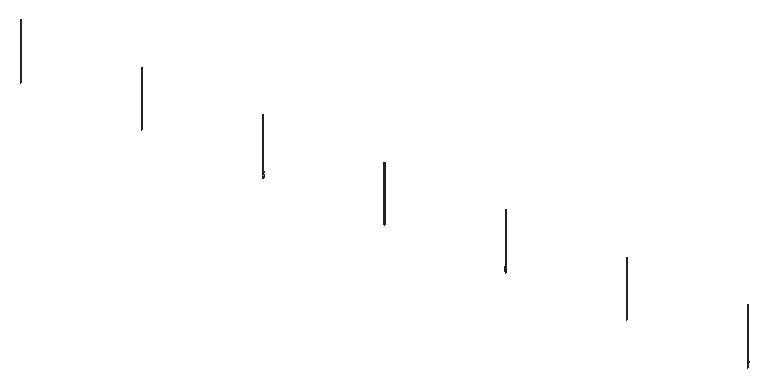
Revit family "Wire-Array-HunterDouglas-Torsion-Spring", category Specialty Equipment, Revit 2012
Parameters (values of type "Parametric")
  ecoScorecard_data = "http://products.ecoscorecard.com/hunterdouglascontract/PTTS"
  ecoScorecard Product Page = "http://hunterdouglascontract.ecoscorecard.com/product/PTTS?base_search=product_category_A1035"
  Wire Visibility [instance] = yes
  Wire Hanger = Metal - Aluminum Frame - HunterDouglas - Painted White
  URL = "http://www.hunterdouglascontract.com/ceilings/index.jsp"
  Subcategory = "Metal – Plank and Tile"  # constant formula
  Product Line = "Torsion Spring"  # constant formula
  Overall Length [instance] = (# of Wires - 1) * Wire Spacing  # 24' - 0"
  Model = "Torsion Spring_Wire Hanger"  # constant formula
  Manufacturer = "Hunter Douglas Luxalon Metal Ceilings"  # constant formula
  Wire Spacing = 4' - 0"  # constant formula
  Hanger Wire Height [instance] = 2' - 0"
  Description = "Wire Hanger"  # constant formula
  Default Elevation = 0' - 0"
  Assembly Code = "C3030200"
  95 CSI = "09 51 00"  # constant formula
  04 CSI = "09510"  # constant formula
  # of Wires = 7
Reference planes (in)
  plane 1 "Center (Front/Back)": y = 0
  plane 2: z = 0
  plane 3 "Center (Left/Right)": x = 0
  plane 4 "Left Edge": x = -144
  plane 5: x = 144
  plane 6: x = -96
  plane 7 "Ceiling Edge": z = 24
  plane 8 "Hanger Bottom": z = 2.4375
Dimensions and locks (in)
  equal spacing: plane 4 "Left Edge", plane 3 "Center (Left/Right)", plane 5
  "Overall Length": plane 4 "Left Edge" to plane 5
  "Wire Spacing": plane 4 "Left Edge" to plane 6
  "Hanger Wire Height": plane 7 "Ceiling Edge" to level
  locked: plane 8 "Hanger Bottom" to level at 2.4375
  equal spacing: group 1, group 3, group 4, group 5, group 6, group 7, group 2  (x3)
  aligned and locked: level to plane 2
  aligned and locked: plane 4 "Left Edge" to nested 1
  aligned and locked: plane 1 "Center (Front/Back)" to nested 1
  aligned and locked: nested 2 to plane 5
  aligned and locked: nested 2 to plane 1 "Center (Front/Back)"
Nested families (in)
  nested 1: "Wire" at (-144, 0, 0) x (0, 1, 0) z (0, 0, 1), visible <- "Wire Visibility", type "Wire"
    with HangerWire Length 2' - 0"
  nested 2: "Wire" at (144, 0, 0) x (0, 1, 0) z (0, 0, 1), visible <- "Wire Visibility", type "Wire"
    with HangerWire Length 2' - 0"
  nested 3: "Wire" at (-96, 0, 0) x (0, 1, 0) z (0, 0, 1), visible <- "Wire Visibility", type "Wire"
    with HangerWire Length 2' - 0"
  nested 4: "Wire" at (-48, 0, 0) x (0, 1, 0) z (0, 0, 1), visible <- "Wire Visibility", type "Wire"
    with HangerWire Length 2' - 0"
  nested 5: "Wire" at (0, 0, 0) x (0, 1, 0) z (0, 0, 1), visible <- "Wire Visibility", type "Wire"
    with HangerWire Length 2' - 0"
  nested 6: "Wire" at (48, 0, 0) x (0, 1, 0) z (0, 0, 1), visible <- "Wire Visibility", type "Wire"
    with HangerWire Length 2' - 0"
  nested 7: "Wire" at (96, 0, 0) x (0, 1, 0) z (0, 0, 1), visible <- "Wire Visibility", type "Wire"
    with HangerWire Length 2' - 0"
Definition of nested family "Wire"
  Parameters (values of type "Wire")
    Material = Metal - Aluminum Frame - HunterDouglas - Painted White
    HangerWire Length = 3' - 0"
  Reference planes (in)
    plane 1 "Center (Front/Back)": y = 0
    plane 2: z = 0
    plane 3 "Center (Left/Right)": x = 0
    plane 4: x = -0.77248
    plane 5: x = 0.77248
    plane 6: z = 2.4375
    plane 7: z = 2.5
    plane 8: z = 36
    plane 9: z = 36.21875
  Forms (in)
    Sweep 1, solid, material "Metal - Aluminum Frame - HunterDouglas - Painted White" <- "Material", detail levels fine
      path origin (0, 0, 0) x (0.707107, 0.707107, 0) y (0, 0, 1)
        loop
          line (0.03125, 36.21875) -> (0.03125, 3.70793) -> (0.38236, 3.14135)
          arc (0.38236, 3.14135) -> (0.44435, 3.01623) -> (0.48166, 2.88166) r 0.73777
          line (0.48166, 2.88166) -> (0.5376, 2.56649)
          arc (0.5376, 2.56649) -> (0.51364, 2.47677) -> (0.42949, 2.4375) r 0.1098
          line (0.42949, 2.4375) -> (-0.42976, 2.4375)
          arc (-0.42976, 2.4375) -> (-0.51374, 2.47669) -> (-0.53765, 2.56622) r 0.10957
          line (-0.53765, 2.56622) -> (-0.48246, 2.87715)
          arc (-0.48246, 2.87715) -> (-0.44395, 3.01607) -> (-0.37995, 3.14524) r 0.76163
          line (-0.37995, 3.14524) -> (-0.0384, 3.69638)
      profile origin (-0.0001, -0.0001, 2.4375) x (0, 0, -1) y (0.707107, -0.707107, 0)
        loop
          circle (-0.03125, 0) r 0.03125
    Revolve 2, solid, material "Metal - Aluminum Frame - HunterDouglas - Painted White" <- "Material", detail levels fine
      sketch origin (0.00705, -1.10535, 0.17393) x (0, 0.947216, -0.320596) y (0, 0.320596, 0.947216)
        loop
          line (-0.19925, 4.08974) -> (-0.26999, 4.08974)
          arc (-0.26999, 4.08974) -> (-0.30124, 4.05849) -> (-0.26999, 4.02724) r 0.03125
          line (-0.26999, 4.02724) -> (-0.19925, 4.02724) -> (-0.19925, 4.08974)
        axis (-0.19925, 4.02724) -> (-0.19925, 4.08974)
      angle from 0 to 360
    Revolve 3, solid, material "Metal - Aluminum Frame - HunterDouglas - Painted White" <- "Material", detail levels fine
      sketch origin (0.00705, -1.10535, 0.04197) x (0, 0.947216, -0.320596) y (0, 0.320596, 0.947216)
        loop
          line (-0.19925, 4.08974) -> (-0.26999, 4.08974)
          arc (-0.26999, 4.08974) -> (-0.30124, 4.05849) -> (-0.26999, 4.02724) r 0.03125
          line (-0.26999, 4.02724) -> (-0.19925, 4.02724) -> (-0.19925, 4.08974)
        axis (-0.19925, 4.02724) -> (-0.19925, 4.08974)
      angle from 0 to 360
    Revolve 4, solid, material "Metal - Aluminum Frame - HunterDouglas - Painted White" <- "Material", detail levels fine
      sketch origin (0.00705, -1.10535, 0.10916) x (0, 0.947216, -0.320596) y (0, 0.320596, 0.947216)
        loop
          line (-0.19925, 4.08974) -> (-0.26999, 4.08974)
          arc (-0.26999, 4.08974) -> (-0.30124, 4.05849) -> (-0.26999, 4.02724) r 0.03125
          line (-0.26999, 4.02724) -> (-0.19925, 4.02724) -> (-0.19925, 4.08974)
        axis (-0.19925, 4.02724) -> (-0.19925, 4.08974)
      angle from 0 to 360
    Revolve 5, solid, material "Metal - Aluminum Frame - HunterDouglas - Painted White" <- "Material", detail levels fine
      sketch origin (0.00705, -1.10535, -0.02357) x (0, 0.947216, -0.320596) y (0, 0.320596, 0.947216)
        loop
          line (-0.19925, 4.08974) -> (-0.26999, 4.08974)
          arc (-0.26999, 4.08974) -> (-0.30124, 4.05849) -> (-0.26999, 4.02724) r 0.03125
          line (-0.26999, 4.02724) -> (-0.19925, 4.02724) -> (-0.19925, 4.08974)
        axis (-0.19925, 4.02724) -> (-0.19925, 4.08974)
      angle from 0 to 360
    Revolve 6, solid, material "Metal - Aluminum Frame - HunterDouglas - Painted White" <- "Material", detail levels fine
      sketch origin (0.00705, -1.10535, -0.08912) x (0, 0.947216, -0.320596) y (0, 0.320596, 0.947216)
        loop
          line (-0.19925, 4.08974) -> (-0.26999, 4.08974)
          arc (-0.26999, 4.08974) -> (-0.30124, 4.05849) -> (-0.26999, 4.02724) r 0.03125
          line (-0.26999, 4.02724) -> (-0.19925, 4.02724) -> (-0.19925, 4.08974)
        axis (-0.19925, 4.02724) -> (-0.19925, 4.08974)
      angle from 0 to 360
    Revolve 7, solid, material "Metal - Aluminum Frame - HunterDouglas - Painted White" <- "Material", detail levels fine
      sketch origin (0.00705, -1.10535, -0.15857) x (0, 0.947216, -0.320596) y (0, 0.320596, 0.947216)
        loop
          line (-0.19925, 4.08974) -> (-0.26999, 4.08974)
          arc (-0.26999, 4.08974) -> (-0.30124, 4.05849) -> (-0.26999, 4.02724) r 0.03125
          line (-0.26999, 4.02724) -> (-0.19925, 4.02724) -> (-0.19925, 4.08974)
        axis (-0.19925, 4.02724) -> (-0.19925, 4.08974)
      angle from 0 to 360
  Lines and regions (in)
    model lines, style "Wire", detail levels coarse+medium
      curve 1: line (0, 0, 36) -> (0, 0, 2.5)
    symbolic lines, style "Wire", detail levels fine
      curve 2: line (-0.38204, -0.33784, 0) -> (-0.08282, -0.03863, 0)
      curve 3: line (0.38204, 0.33784, 0) -> (0.09664, 0.05243, 0)
      curve 4: arc (0.33784, 0.38204, 0) -> (0.38204, 0.38204, 0) -> (0.38204, 0.33784, 0) r 0.03125
      curve 5: arc (-0.38204, -0.33784, 0) -> (-0.38204, -0.38204, 0) -> (-0.33784, -0.38204, 0) r 0.03125
      curve 6: circle (0.00691, 0.00691, 0) r 0.10062 normal (0, 0, 1)
      curve 7: circle (0, 0, 0) r 0.03125 normal (0, 0, 1)
      curve 8: line (0.05244, 0.09663, 0) -> (0.33784, 0.38204, 0)
      curve 9: line (-0.03862, -0.08282, 0) -> (-0.33784, -0.38204, 0)
      curve 14: line (-0.03122, 0, 36.21875) -> (0.03122, 0, 36.21875)
      curve 15: line (0.03122, 0, 36.21875) -> (0.03122, 0, 4.1081)
      curve 16: line (-0.02999, 0, 3.69117) -> (-0.27048, 0, 3.16052)
      curve 17: line (-0.39791, 0, 2.57083) -> (-0.33782, 0, 2.89346)
      curve 18: arc (-0.33782, 0, 2.89346) -> (-0.3161, 0, 3.03) -> (-0.27048, 0, 3.16052) r 0.77561
      curve 19: arc (-0.39791, 0, 2.57083) -> (-0.37867, 0, 2.48393) -> (-0.30275, 0, 2.4375) r 0.11373
      curve 20: line (0.08629, 0, 3.61911) -> (-0.02999, 0, 3.69117)
      curve 21: spline (-0.03122, 0, 3.69014) -> (-0.02944, 0, 3.69066) -> (-0.02594, 0, 3.69166) -> (-0.02092, 0, 3.6931) -> (-0.01467, 0, 3.69489) -> (-0.00756, 0, 3.69692) -> (0, 0, 3.69907) -> (0.00755, 0, 3.70122) -> (0.01466, 0, 3.70324) -> (0.02091, 0, 3.70501) -> (0.02594, 0, 3.70643) -> (0.02944, 0, 3.70742) -> (0.03122, 0, 3.70792)
      curve 22: line (0.00884, 0, 3.62544) -> (-0.21356, 0, 3.13472)
      curve 23: arc (-0.2757, 0, 2.88565) -> (-0.25593, 0, 3.013) -> (-0.21356, 0, 3.13472) r 0.71311
      curve 24: line (-0.33647, 0, 2.55939) -> (-0.2757, 0, 2.88565)
      curve 25: arc (-0.33647, 0, 2.55939) -> (-0.3278, 0, 2.52024) -> (-0.2936, 0, 2.49933) r 0.05123
      curve 26: line (0.03122, 0, 36.21875) -> (-0.03122, 0, 36.21875)
      curve 27: line (-0.03122, 0, 36.21875) -> (-0.03122, 0, 4.1296)
      curve 28: line (-0.2936, 0, 2.49933) -> (0, 0, 2.49933)
      curve 29: line (0, 0, 2.4375) -> (-0.30275, 0, 2.4375)
      curve 30: line (-0.03122, 0, 3.73252) -> (-0.03122, 0, 3.68845)
      curve 31: line (0.03122, 0, 3.68845) -> (0.27048, 0, 3.16052)
      curve 32: line (0.39791, 0, 2.57083) -> (0.33782, 0, 2.89346)
      curve 33: arc (0.33782, 0, 2.89346) -> (0.3161, 0, 3.03) -> (0.27048, 0, 3.16052) r 0.77561
      curve 34: arc (0.39791, 0, 2.57083) -> (0.37867, 0, 2.48393) -> (0.30275, 0, 2.4375) r 0.11373
      curve 35: spline (0.03122, 0, 3.69014) -> (0.02944, 0, 3.69066) -> (0.02594, 0, 3.69166) -> (0.02092, 0, 3.6931) -> (0.01467, 0, 3.69489) -> (0.00756, 0, 3.69692) -> (0, 0, 3.69907) -> (-0.00755, 0, 3.70122) -> (-0.01466, 0, 3.70324) -> (-0.02091, 0, 3.70501) -> (-0.02594, 0, 3.70643) -> (-0.02944, 0, 3.70742) -> (-0.03122, 0, 3.70792)
      curve 36: line (-0.00884, 0, 3.62544) -> (0.21356, 0, 3.13472)
      curve 37: arc (0.2757, 0, 2.88565) -> (0.25593, 0, 3.013) -> (0.21356, 0, 3.13472) r 0.71311
      curve 38: line (0.33647, 0, 2.55939) -> (0.2757, 0, 2.88565)
      curve 39: arc (0.33647, 0, 2.55939) -> (0.3278, 0, 2.52024) -> (0.2936, 0, 2.49933) r 0.05123
      curve 40: line (0.2936, 0, 2.49933) -> (0, 0, 2.49933)
      curve 41: line (0, 0, 2.4375) -> (0.30275, 0, 2.4375)
      curve 42: line (0.03122, 0, 3.73252) -> (0.03122, 0, 3.68845)
      curve 43: line (0, 0.03122, 3.68845) -> (0, 0.27048, 3.16052)
      curve 44: line (0, 0.39791, 2.57083) -> (0, 0.33782, 2.89346)
      curve 45: arc (0, 0.33782, 2.89346) -> (0, 0.3161, 3.03) -> (0, 0.27048, 3.16052) r 0.77561
      curve 46: arc (0, 0.39791, 2.57083) -> (0, 0.37867, 2.48393) -> (0, 0.30275, 2.4375) r 0.11373
      curve 47: line (0, -0.00884, 3.62544) -> (0, 0.21356, 3.13472)
      curve 48: arc (0, 0.2757, 2.88565) -> (0, 0.25593, 3.013) -> (0, 0.21356, 3.13472) r 0.71311
      curve 49: line (0, 0.33647, 2.55939) -> (0, 0.2757, 2.88565)
      curve 50: arc (0, 0.33647, 2.55939) -> (0, 0.3278, 2.52024) -> (0, 0.2936, 2.49933) r 0.05123
      curve 51: line (0, 0.2936, 2.49933) -> (0, 0, 2.49933)
      curve 52: line (0, 0, 2.4375) -> (0, 0.30275, 2.4375)
      curve 53: line (0, -0.03122, 3.68845) -> (0, -0.27048, 3.16052)
      curve 54: line (0, -0.39791, 2.57083) -> (0, -0.33782, 2.89346)
      curve 55: arc (0, -0.33782, 2.89346) -> (0, -0.3161, 3.03) -> (0, -0.27048, 3.16052) r 0.77561
      curve 56: arc (0, -0.39791, 2.57083) -> (0, -0.37867, 2.48393) -> (0, -0.30275, 2.4375) r 0.11373
      curve 57: line (0, 0.00884, 3.62544) -> (0, -0.21356, 3.13472)
      curve 58: arc (0, -0.2757, 2.88565) -> (0, -0.25593, 3.013) -> (0, -0.21356, 3.13472) r 0.71311
      curve 59: line (0, -0.33647, 2.55939) -> (0, -0.2757, 2.88565)
      curve 60: arc (0, -0.33647, 2.55939) -> (0, -0.3278, 2.52024) -> (0, -0.2936, 2.49933) r 0.05123
      curve 61: line (0, -0.2936, 2.49933) -> (0, 0, 2.49933)
      curve 62: line (0, 0, 2.4375) -> (0, -0.30275, 2.4375)
      curve 63: line (0, -0.03122, 3.73252) -> (0, -0.03122, 3.68845)
      curve 64: line (0, -0.04684, 4.13498) -> (0, 0.08788, 4.08859)
      curve 65: line (0, -0.07537, 4.07858) -> (0, 0.06749, 4.02939)
      curve 66: arc (0, 0.08788, 4.08859) -> (0, 0.10729, 4.0488) -> (0, 0.06749, 4.02939) r 0.03131
      curve 67: arc (0, -0.04684, 4.13498) -> (0, -0.08569, 4.11922) -> (0, -0.07537, 4.07858) r 0.0319
      curve 68: arc (0, 0.08788, 4.02237) -> (0, 0.10784, 3.98437) -> (0, 0.0711, 3.96216) r 0.03131
      curve 69: arc (0, -0.04684, 4.06876) -> (0, -0.08551, 4.05335) -> (0, -0.07602, 4.01282) r 0.0319
      curve 70: line (0, -0.07602, 4.01282) -> (0, 0.0711, 3.96216)
      curve 71: arc (0, 0.08788, 3.95615) -> (0, 0.10784, 3.91815) -> (0, 0.0711, 3.89594) r 0.03131
      curve 72: arc (0, -0.04684, 4.00254) -> (0, -0.08551, 3.98713) -> (0, -0.07602, 3.9466) r 0.0319
      curve 73: line (0, -0.07602, 3.9466) -> (0, 0.0711, 3.89594)
      curve 74: arc (0, 0.08788, 3.88993) -> (0, 0.10784, 3.85193) -> (0, 0.0711, 3.82972) r 0.03131
      curve 75: arc (0, -0.04684, 3.93632) -> (0, -0.08551, 3.92091) -> (0, -0.07602, 3.88038) r 0.0319
      curve 76: line (0, -0.07602, 3.88038) -> (0, 0.0711, 3.82972)
      curve 77: arc (0, 0.08788, 3.82371) -> (0, 0.10784, 3.78571) -> (0, 0.0711, 3.7635) r 0.03131
      curve 78: arc (0, -0.04684, 3.8701) -> (0, -0.08551, 3.85469) -> (0, -0.07602, 3.81416) r 0.0319
      curve 79: line (0, -0.07602, 3.81416) -> (0, 0.0711, 3.7635)
      curve 80: arc (0, 0.08788, 3.75749) -> (0, 0.10784, 3.71949) -> (0, 0.0711, 3.69728) r 0.03131
      curve 81: arc (0, -0.04684, 3.80388) -> (0, -0.08551, 3.78847) -> (0, -0.07602, 3.74794) r 0.0319
      curve 82: line (0, -0.07602, 3.74794) -> (0, 0.0711, 3.69728)
      curve 83: line (0, -0.03122, 3.73252) -> (0, -0.03122, 3.68845)
      curve 84: spline (0, 0.03122, 3.69014) -> (0, 0.02944, 3.69066) -> (0, 0.02594, 3.69166) -> (0, 0.02092, 3.6931) -> (0, 0.01467, 3.69489) -> (0, 0.00756, 3.69692) -> (0, 0, 3.69907) -> (0, -0.00755, 3.70122) -> (0, -0.01466, 3.70324) -> (0, -0.02091, 3.70501) -> (0, -0.02594, 3.70643) -> (0, -0.02944, 3.70742) -> (0, -0.03122, 3.70792)
      curve 85: line (0, 0.03122, 3.71102) -> (0, 0.03122, 3.68845)
    symbolic lines, style "Wire"
      curve 10: line (0, 0.03125, 36.21875) -> (0, -0.03125, 36.21875)
      curve 11: line (0, -0.03125, 36.21875) -> (0, -0.03125, 4.05165)
      curve 12: arc (0, 0.03125, 4.05165) -> (0, 0, 4.04216) -> (0, -0.03125, 4.05165) r 0.05621
      curve 13: line (0, 0.03125, 4.05165) -> (0, 0.03125, 36.21875)
      curve 86: arc (-0.07801, 0, 3.78381) -> (-0.09482, 0, 3.81838) -> (-0.07483, 0, 3.85122) r 0.04011
      curve 87: arc (-0.07459, 0, 3.85136) -> (-0.03526, 0, 3.86711) -> (0.00686, 0, 3.87167) r 0.15569
      curve 88: arc (0.09173, 0, 3.78381) -> (0.10854, 0, 3.81838) -> (0.08855, 0, 3.85122) r 0.04011
      curve 89: arc (0.0883, 0, 3.85136) -> (0.04898, 0, 3.86711) -> (0.00686, 0, 3.87167) r 0.15569
      curve 90: arc (-0.07483, 0, 3.85122) -> (-0.09482, 0, 3.88413) -> (-0.07788, 0, 3.91872) r 0.04011
      curve 91: arc (-0.07459, 0, 3.92081) -> (-0.03526, 0, 3.93656) -> (0.00686, 0, 3.94112) r 0.15569
      curve 92: arc (0.08855, 0, 3.85122) -> (0.10858, 0, 3.88609) -> (0.0883, 0, 3.92081) r 0.04011
      curve 93: arc (0.0883, 0, 3.92081) -> (0.04898, 0, 3.93656) -> (0.00686, 0, 3.94112) r 0.15569
      curve 94: arc (-0.07788, 0, 3.91872) -> (-0.09482, 0, 3.95344) -> (-0.07459, 0, 3.98635) r 0.04011
      curve 95: arc (-0.07459, 0, 3.98635) -> (-0.03526, 0, 4.0021) -> (0.00686, 0, 4.00666) r 0.15569
      curve 96: arc (0.0916, 0, 3.91872) -> (0.10853, 0, 3.95344) -> (0.0883, 0, 3.98635) r 0.04011
      curve 97: arc (0.0883, 0, 3.98635) -> (0.04898, 0, 4.0021) -> (0.00686, 0, 4.00666) r 0.15569
      curve 98: arc (-0.07788, 0, 3.98426) -> (-0.09486, 0, 4.01703) -> (-0.07788, 0, 4.0498) r 0.04011
      curve 99: arc (-0.07459, 0, 4.05189) -> (-0.03526, 0, 4.06764) -> (0.00686, 0, 4.0722) r 0.15569
      curve 100: arc (0.0916, 0, 3.98426) -> (0.10858, 0, 4.01703) -> (0.0916, 0, 4.0498) r 0.04011
      curve 101: arc (0.0883, 0, 4.05189) -> (0.04898, 0, 4.06764) -> (0.00686, 0, 4.0722) r 0.15569
      curve 102: arc (-0.07788, 0, 4.0498) -> (-0.09482, 0, 4.08452) -> (-0.07459, 0, 4.11744) r 0.04011
      curve 103: arc (-0.07459, 0, 4.11744) -> (-0.03526, 0, 4.13318) -> (0.00686, 0, 4.13774) r 0.15569
      curve 104: arc (0.0916, 0, 4.0498) -> (0.10853, 0, 4.08452) -> (0.0883, 0, 4.11744) r 0.04011
      curve 105: arc (0.0883, 0, 4.11744) -> (0.04898, 0, 4.13318) -> (0.00686, 0, 4.13774) r 0.15569
      curve 106: arc (-0.07788, 0, 3.71818) -> (-0.09482, 0, 3.75291) -> (-0.07459, 0, 3.78582) r 0.04011
      curve 107: arc (-0.07801, 0, 3.78381) -> (-0.03718, 0, 3.80107) -> (0.00686, 0, 3.80613) r 0.15569
      curve 108: arc (0.0916, 0, 3.71818) -> (0.10853, 0, 3.75291) -> (0.0883, 0, 3.78582) r 0.04011
      curve 109: arc (0.09173, 0, 3.78381) -> (0.0509, 0, 3.80107) -> (0.00686, 0, 3.80613) r 0.15569
      curve 110: arc (-0.07788, 0, 3.71818) -> (-0.05245, 0, 3.70483) -> (-0.02439, 0, 3.69871) r 0.10721
      curve 111: arc (0.0916, 0, 3.71818) -> (0.06617, 0, 3.70483) -> (0.03811, 0, 3.69871) r 0.10721
  Dimensions and locks (in)
    equal spacing: plane 4, plane 3 "Center (Left/Right)", plane 5
    plane 4 to plane 5 = 0' - 1.54495"
    locked: plane 6 to plane 7 at 0.0625
    locked: plane 6 to level at 2.4375
    "HangerWire Length": plane 8 to level
    locked: plane 9 to plane 8 at 0.21875
    aligned and locked: level to plane 2
    aligned and locked: Sweep 1 sketch curve to plane 6
    aligned and locked: curve 1 to plane 3 "Center (Left/Right)"
    aligned and locked: plane 7 to curve 1
    aligned and locked: plane 8 to curve 1
    aligned and locked: plane 9 to curve 26
    aligned and locked: plane 9 to Sweep 1 sketch curve
    aligned and locked: curve 10 to plane 9
  Automatic sketch dimensions
    curve 12 to plane 1 "Center (Front/Back)" = 0' - 0"
    plane 1 "Center (Front/Back)" to curve 11 = 0' - 0 1/32"
    curve 13 to plane 1 "Center (Front/Back)" = 0' - 0 1/32"
    curve 12 to curve 12 = 0' - 0.04672"
    curve 18 to curve 23 = 0' - 0"  (x2)
    curve 19 to curve 25 = 0' - 0"  (x2)
    curve 33 to curve 37 = 0' - 0"  (x2)
    curve 34 to curve 39 = 0' - 0"  (x2)
    curve 19 to plane 6 = 0' - 0"
    curve 41 to plane 3 "Center (Left/Right)" = 0' - 0"
    curve 40 to plane 3 "Center (Left/Right)" = 0' - 0"
    curve 35 to plane 3 "Center (Left/Right)" = 0' - 0"
    curve 36 to plane 3 "Center (Left/Right)" = 0' - 0.00884"
    curve 16 to plane 3 "Center (Left/Right)" = 0' - 0.02999"
    curve 14 to plane 3 "Center (Left/Right)" = 0' - 0.03122"
    curve 35 to curve 16 = 0' - 0.00123"
    curve 21 to curve 21 = 0' - 0.00021"
    curve 22 to plane 3 "Center (Left/Right)" = 0' - 0.21356"
    curve 18 to curve 23 = 0' - 0.05693"
    curve 23 to curve 22 = 0' - 0.06215"
    plane 7 to curve 19 = 0' - 0.05001"
    curve 19 to plane 3 "Center (Left/Right)" = 0' - 0.2861"
    curve 25 to plane 7 = 0' - 0.00067"
    curve 25 to curve 19 = 0' - 0.0075"
    curve 29 to curve 28 = 0' - 0.00915"
    curve 25 to curve 19 = 0' - 0.05037"
    curve 17 to curve 23 = 0' - 0.06212"
    plane 7 to curve 17 = 0' - 0.07083"
    curve 37 to curve 17 = 0' - 0.09814"
    plane 3 "Center (Left/Right)" to curve 21 = 0' - 0"
    plane 3 "Center (Left/Right)" to curve 22 = 0' - 0.00884"
    plane 3 "Center (Left/Right)" to curve 42 = 0' - 0.03122"
    plane 3 "Center (Left/Right)" to curve 14 = 0' - 0.03122"
    curve 35 to curve 31 = 0' - 0"
    curve 35 to curve 35 = 0' - 0.00021"
    curve 22 to curve 20 = 0' - 0.07745"
    plane 3 "Center (Left/Right)" to curve 37 = 0' - 0.21356"
    curve 36 to curve 31 = 0' - 0.05693"
    curve 37 to curve 38 = 0' - 0.06215"
    plane 7 to curve 39 = 0' - 0.05001"
    plane 3 "Center (Left/Right)" to curve 39 = 0' - 0.2861"
    curve 34 to curve 40 = 0' - 0.0075"
    curve 39 to curve 34 = 0' - 0.00915"
    curve 34 to curve 39 = 0' - 0.05037"
    curve 38 to curve 33 = 0' - 0.06212"
    curve 38 to curve 34 = 0' - 0.06144"
    curve 33 to curve 23 = 0' - 0.09814"
    curve 19 to curve 33 = 0' - 0 69/256"
    curve 34 to curve 18 = 0' - 0 69/256"
    curve 33 to curve 23 = 0' - 0.04529"
    curve 18 to curve 37 = 0' - 0.04529"
    curve 38 to curve 32 = 0' - 0 1/128"
    curve 23 to curve 18 = 0' - 0 1/128"
    curve 33 to curve 20 = 0' - 0.4586"
    curve 20 to curve 36 = 0' - 0.00633"
    curve 22 to curve 36 = 0' - 0"
    curve 36 to curve 30 = 0' - 0.06301"
    curve 42 to curve 16 = 0' - 0.00272"
    curve 31 to curve 35 = 0' - 0.00163"
    curve 30 to curve 21 = 0' - 0.00163"
    curve 35 to curve 35 = 0' - 0.00006"
    curve 21 to curve 21 = 0' - 0.00006"
    curve 35 to curve 30 = 0' - 0.0246"
    curve 21 to curve 42 = 0' - 0.0246"
    curve 42 to curve 15 = 0' - 0.37558"
    curve 15 to curve 27 = 0' - 0.0215"
    plane 1 "Center (Front/Back)" to curve 7 = 0' - 0"
    curve 7 to plane 3 "Center (Left/Right)" = 0' - 0"
    curve 9 to plane 3 "Center (Left/Right)" = 0' - 0.03862"
    plane 1 "Center (Front/Back)" to curve 2 = 0' - 0.03863"
    curve 2 to curve 9 = 0' - 0.0442"
    curve 5 to plane 3 "Center (Left/Right)" = 0' - 0.33784"
    curve 5 to curve 9 = 0' - 0.0221"
    curve 5 to curve 5 = 0' - 0.0221"
    plane 3 "Center (Left/Right)" to curve 6 = 0' - 0.00691"
    plane 3 "Center (Left/Right)" to curve 8 = 0' - 0.05244"
    curve 8 to curve 3 = 0' - 0.0442"
    plane 3 "Center (Left/Right)" to curve 4 = 0' - 0.33784"
    curve 4 to curve 4 = 0' - 0.0221"
    curve 4 to curve 3 = 0' - 0.0221"
    curve 9 to curve 2 = 0' - 0.0442"
    plane 1 "Center (Front/Back)" to curve 2 = 0' - 0.33784"
    curve 5 to curve 2 = 0' - 0.0221"
    curve 4 to plane 1 "Center (Front/Back)" = 0' - 0.33784"
    curve 3 to curve 4 = 0' - 0.0221"
    plane 7 to Sweep 1 sketch curve = 0' - 0.06622"
    plane 7 to Sweep 1 sketch curve = 0' - 0.37715"
    Sweep 1 sketch curve to Sweep 1 sketch curve = 0' - 0.05519"
    Sweep 1 sketch curve to Sweep 1 sketch curve = 0' - 0.10788"
    Sweep 1 sketch curve to Sweep 1 sketch curve = 0' - 0.10251"
    Sweep 1 sketch curve to Sweep 1 sketch curve = 0' - 0.2377"
    plane 7 to Sweep 1 sketch curve = 0' - 1.19638"
    Sweep 1 sketch curve to Sweep 1 sketch curve = 0' - 0.34154"
    Sweep 1 sketch curve to Sweep 1 sketch curve = 0' - 0.06965"
    plane 7 to Sweep 1 sketch curve = 0' - 0.24405"
    Sweep 1 sketch curve to Sweep 1 sketch curve = 0' - 0.51221"
    Sweep 1 sketch curve to Sweep 1 sketch curve = 0' - 0.1149"
    Sweep 1 sketch curve to Sweep 1 sketch curve = 0' - 0.16204"
    Sweep 1 sketch curve to Sweep 1 sketch curve = 0' - 0.21421"
    plane 7 to Sweep 1 sketch curve = 0' - 0.06649"
    Sweep 1 sketch curve to Sweep 1 sketch curve = 0' - 0.10811"
    plane 7 to Sweep 1 sketch curve = 0' - 0.25273"
    Sweep 1 sketch curve to Sweep 1 sketch curve = 0' - 0.13761"
    Sweep 1 sketch curve to Sweep 1 sketch curve = 0' - 0.01154"
    Sweep 1 sketch curve to profile plane = 0' - 0"
    profile plane to Sweep 1 sketch curve = 0' - 0 1/32"
    plane 1 "Center (Front/Back)" to Revolve 2 sketch curve = 0' - 0.06997"
    plane 7 to Revolve 2 sketch curve = 0' - 1.57516"
    Revolve 2 sketch curve to Revolve 2 sketch curve = 0' - 0.07074"
    Revolve 2 sketch curve to Revolve 2 sketch curve = 0' - 0"  (x2)
    Revolve 2 sketch curve to Revolve 2 sketch curve = 0' - 0 1/32"
    Revolve 2 sketch curve to Revolve 2 sketch curve = 0' - 0.02781"
    plane 1 "Center (Front/Back)" to Revolve 3 sketch curve = 0' - 0.06997"
    plane 7 to Revolve 3 sketch curve = 0' - 1.44319"
    Revolve 3 sketch curve to Revolve 3 sketch curve = 0' - 0.07074"
    Revolve 3 sketch curve to Revolve 3 sketch curve = 0' - 0"  (x2)
    Revolve 3 sketch curve to Revolve 3 sketch curve = 0' - 0 1/32"
    Revolve 3 sketch curve to Revolve 3 sketch curve = 0' - 0.02781"
    curve 45 to curve 48 = 0' - 0"  (x2)
    curve 46 to curve 50 = 0' - 0"  (x2)
    curve 55 to curve 58 = 0' - 0"  (x2)
    curve 56 to curve 60 = 0' - 0"  (x2)
    plane 6 to curve 46 = 0' - 0"
    curve 61 to plane 1 "Center (Front/Back)" = 0' - 0"
    curve 52 to plane 1 "Center (Front/Back)" = 0' - 0"
    curve 57 to plane 1 "Center (Front/Back)" = 0' - 0.00884"
    curve 85 to plane 1 "Center (Front/Back)" = 0' - 0.03122"
    curve 84 to curve 43 = 0' - 0"
    curve 84 to curve 84 = 0' - 0.00021"
    curve 65 to plane 1 "Center (Front/Back)" = 0' - 0.06749"
    curve 73 to plane 1 "Center (Front/Back)" = 0' - 0.0711"
    curve 68 to curve 71 = 0' - 0"
    curve 79 to curve 85 = 0' - 0.03988"
    curve 82 to curve 84 = 0' - 0.03967"
    curve 76 to curve 73 = 0' - 0"
    curve 74 to curve 74 = 0' - 0.00658"
    curve 68 to curve 68 = 0' - 0.00658"
    curve 77 to curve 79 = 0' - 0.00658"
    curve 80 to curve 80 = 0' - 0.00658"
    curve 71 to curve 73 = 0' - 0.00658"
    curve 66 to curve 66 = 0' - 0.01019"
    curve 80 to curve 79 = 0' - 0.01678"
    curve 77 to curve 76 = 0' - 0.01678"
    curve 64 to curve 66 = 0' - 0.01019"
    curve 71 to curve 70 = 0' - 0.01678"
    curve 68 to curve 66 = 0' - 0.02038"
    curve 74 to curve 73 = 0' - 0.01678"
    curve 48 to plane 1 "Center (Front/Back)" = 0' - 0.21356"
    curve 45 to curve 47 = 0' - 0.05693"
    curve 48 to curve 48 = 0' - 0.06215"
    plane 7 to curve 46 = 0' - 0.05001"
    curve 46 to plane 1 "Center (Front/Back)" = 0' - 0.2861"
    curve 50 to plane 7 = 0' - 0.00067"
    curve 50 to curve 46 = 0' - 0.0075"
    curve 52 to curve 50 = 0' - 0.00915"
    plane 7 to curve 49 = 0' - 0.05939"
    curve 44 to curve 48 = 0' - 0.06212"
    curve 46 to curve 49 = 0' - 0.06144"
    curve 55 to curve 45 = 0' - 0.09814"
    plane 1 "Center (Front/Back)" to curve 84 = 0' - 0"
    plane 1 "Center (Front/Back)" to curve 47 = 0' - 0.00884"
    plane 1 "Center (Front/Back)" to curve 83 = 0' - 0.03122"
    plane 1 "Center (Front/Back)" to curve 64 = 0' - 0.04684"
    plane 1 "Center (Front/Back)" to curve 69 = 0' - 0.04684"
    plane 1 "Center (Front/Back)" to curve 72 = 0' - 0.04684"
    plane 1 "Center (Front/Back)" to curve 81 = 0' - 0.04684"
    plane 1 "Center (Front/Back)" to curve 78 = 0' - 0.04684"
    plane 1 "Center (Front/Back)" to curve 75 = 0' - 0.04684"
    curve 72 to curve 72 = 0' - 0.01039"
    curve 67 to curve 67 = 0' - 0.01039"
    curve 81 to curve 81 = 0' - 0.01039"
    curve 69 to curve 69 = 0' - 0.01039"
    curve 78 to curve 78 = 0' - 0.01039"
    curve 75 to curve 75 = 0' - 0.01039"
    curve 69 to curve 67 = 0' - 0.02853"
    curve 75 to curve 73 = 0' - 0.02918"
    curve 72 to curve 69 = 0' - 0.02918"
    curve 81 to curve 81 = 0' - 0.01879"
    curve 78 to curve 75 = 0' - 0.02918"
    curve 81 to curve 79 = 0' - 0.02918"
    plane 1 "Center (Front/Back)" to curve 57 = 0' - 0.21356"
    curve 57 to curve 55 = 0' - 0.05693"
    curve 58 to curve 58 = 0' - 0.06215"
    plane 7 to curve 60 = 0' - 0.05001"
    plane 1 "Center (Front/Back)" to curve 60 = 0' - 0.2861"
    curve 56 to curve 60 = 0' - 0.0075"
    curve 60 to curve 62 = 0' - 0.00915"
    curve 56 to curve 60 = 0' - 0.05037"
    curve 58 to curve 55 = 0' - 0.06212"
    plane 7 to curve 54 = 0' - 0.07083"
    curve 54 to curve 45 = 0' - 0.09814"
    curve 56 to curve 45 = 0' - 0 69/256"
    curve 44 to curve 55 = 0' - 0 69/256"
    curve 45 to curve 59 = 0' - 0.04529"
    curve 55 to curve 49 = 0' - 0.04529"
    curve 58 to curve 54 = 0' - 0 1/128"
    curve 48 to curve 44 = 0' - 0 1/128"
    curve 57 to curve 47 = 0' - 0.49072"
    curve 57 to curve 47 = 0' - 0"
    curve 47 to curve 53 = 0' - 0.06301"
    curve 43 to curve 53 = 0' - 0"
    curve 43 to curve 84 = 0' - 0.00163"
    curve 84 to curve 84 = 0' - 0.00006"
    curve 84 to curve 80 = 0' - 0.00721"
    curve 84 to curve 85 = 0' - 0.02087"
    curve 80 to curve 80 = 0' - 0.03061"
    curve 80 to curve 79 = 0' - 0.00601"
    curve 81 to curve 81 = 0' - 0.02577"
    curve 79 to curve 77 = 0' - 0.03061"
    curve 81 to curve 79 = 0' - 0.01028"
    curve 77 to curve 74 = 0' - 0.00601"
    curve 78 to curve 78 = 0' - 0.02577"
    curve 74 to curve 74 = 0' - 0.03061"
    curve 78 to curve 75 = 0' - 0.01028"
    curve 74 to curve 73 = 0' - 0.00601"
    curve 75 to curve 75 = 0' - 0.02577"
    curve 73 to curve 71 = 0' - 0.03061"
    curve 75 to curve 72 = 0' - 0.01028"
    curve 71 to curve 68 = 0' - 0.00601"
    curve 72 to curve 72 = 0' - 0.02577"
    curve 68 to curve 68 = 0' - 0.03061"
    curve 72 to curve 69 = 0' - 0.01028"
    curve 68 to curve 66 = 0' - 0.00702"
    curve 70 to curve 69 = 0' - 0.02577"
    curve 66 to curve 66 = 0' - 0.0296"
    curve 65 to curve 67 = 0' - 0.02623"
    curve 86 to plane 3 "Center (Left/Right)" = 0' - 0.07801"
    curve 94 to plane 3 "Center (Left/Right)" = 0' - 0.07788"
    curve 98 to curve 94 = 0' - 0"
    curve 98 to curve 98 = 0' - 0"
    curve 107 to curve 110 = 0' - 0.00013"
    curve 86 to curve 90 = 0' - 0.00318"
    curve 102 to curve 99 = 0' - 0.0033"
    curve 98 to curve 95 = 0' - 0.0033"
    curve 90 to curve 87 = 0' - 0.00025"
    curve 86 to curve 106 = 0' - 0.00342"
    curve 94 to curve 91 = 0' - 0.0033"
    curve 94 to curve 95 = 0' - 0"
    curve 102 to curve 99 = 0' - 0"
    curve 103 to curve 102 = 0' - 0"
    curve 110 to curve 106 = 0' - 0.02313"
    curve 106 to curve 86 = 0' - 0.01984"
    curve 99 to curve 102 = 0' - 0.01984"
    curve 87 to curve 90 = 0' - 0.01984"
    curve 91 to curve 94 = 0' - 0.01984"
    curve 95 to curve 98 = 0' - 0.01984"
    curve 110 to plane 3 "Center (Left/Right)" = 0' - 0.02439"
    curve 110 to plane 3 "Center (Left/Right)" = 0' - 0.01579"
    plane 3 "Center (Left/Right)" to curve 107 = 0' - 0.00241"
    plane 3 "Center (Left/Right)" to curve 99 = 0' - 0.00241"
    plane 3 "Center (Left/Right)" to curve 91 = 0' - 0.00241"
    plane 3 "Center (Left/Right)" to curve 87 = 0' - 0.00241"
    plane 3 "Center (Left/Right)" to curve 103 = 0' - 0.00241"
    plane 3 "Center (Left/Right)" to curve 95 = 0' - 0.00241"
    plane 3 "Center (Left/Right)" to curve 103 = 0' - 0.00686"
    plane 3 "Center (Left/Right)" to curve 101 = 0' - 0.00686"
    plane 3 "Center (Left/Right)" to curve 97 = 0' - 0.00686"
    plane 3 "Center (Left/Right)" to curve 87 = 0' - 0.00686"
    plane 3 "Center (Left/Right)" to curve 109 = 0' - 0.00686"
    plane 3 "Center (Left/Right)" to curve 91 = 0' - 0.00686"
    curve 107 to curve 109 = 0' - 0.00891"
    curve 103 to curve 105 = 0' - 0.00891"
    curve 99 to curve 101 = 0' - 0.00891"
    curve 87 to curve 89 = 0' - 0.00891"
    curve 91 to curve 93 = 0' - 0.00891"
    curve 95 to curve 97 = 0' - 0.00891"
    curve 107 to curve 111 = 0' - 0.02264"
    curve 89 to curve 111 = 0' - 0.0268"
    curve 87 to curve 92 = 0' - 0.06161"
    curve 99 to curve 104 = 0' - 0.06161"
    curve 111 to curve 88 = 0' - 0.03896"
    curve 91 to curve 96 = 0' - 0.06161"
    curve 111 to curve 108 = 0' - 0.03036"
    curve 97 to curve 100 = 0' - 0.06161"
    curve 96 to curve 93 = 0' - 0.01984"
    curve 104 to curve 101 = 0' - 0.01984"
    curve 100 to curve 97 = 0' - 0.01984"
    curve 92 to curve 89 = 0' - 0.01984"
    curve 96 to curve 97 = 0' - 0"
    curve 104 to curve 104 = 0' - 0.01984"
    curve 105 to curve 104 = 0' - 0"
    curve 92 to curve 93 = 0' - 0"
    curve 88 to curve 108 = 0' - 0.01984"
    curve 89 to curve 88 = 0' - 0.00025"
    curve 108 to curve 111 = 0' - 0.02313"
    curve 92 to curve 96 = 0' - 0.0033"
    curve 101 to curve 100 = 0' - 0.0033"
    curve 96 to curve 100 = 0' - 0.0033"
    curve 108 to curve 109 = 0' - 0.00342"
    plane 7 to curve 107 = 0' - 1.1505"
    curve 109 to curve 107 = 0' - 0"
    curve 107 to curve 110 = 0' - 0.04821"
    curve 109 to curve 111 = 0' - 0.04821"
    curve 111 to curve 89 = 0' - 0.01733"
    curve 87 to curve 89 = 0' - 0"
    curve 111 to curve 108 = 0' - 0.01947"
    curve 110 to curve 110 = 0' - 0.01947"
    curve 111 to curve 108 = 0' - 0.03277"
    curve 110 to curve 106 = 0' - 0.03277"
    curve 109 to curve 108 = 0' - 0.00201"
    curve 93 to curve 107 = 0' - 0.02063"
    curve 91 to curve 93 = 0' - 0"
    curve 108 to curve 88 = 0' - 0.03068"
    curve 106 to curve 86 = 0' - 0.03068"
    curve 109 to curve 95 = 0' - 0.04491"
    curve 97 to curve 95 = 0' - 0"
    curve 90 to curve 87 = 0' - 0.00014"
    curve 87 to curve 90 = 0' - 0.03458"
    curve 101 to curve 91 = 0' - 0.02454"
    curve 99 to curve 101 = 0' - 0"
    curve 103 to curve 95 = 0' - 0.02454"
    curve 105 to curve 103 = 0' - 0"
    curve 100 to curve 96 = 0' - 0.00209"
    curve 98 to curve 95 = 0' - 0.00209"
    curve 97 to curve 100 = 0' - 0.03068"
    curve 100 to curve 101 = 0' - 0.00209"
    plane 1 "Center (Front/Back)" to Revolve 4 sketch curve = 0' - 0.06997"
    plane 7 to Revolve 4 sketch curve = 0' - 1.51039"
    Revolve 4 sketch curve to Revolve 4 sketch curve = 0' - 0.07074"
    Revolve 4 sketch curve to Revolve 4 sketch curve = 0' - 0"  (x2)
    Revolve 4 sketch curve to Revolve 4 sketch curve = 0' - 0 1/32"
    Revolve 4 sketch curve to Revolve 4 sketch curve = 0' - 0.02781"
    plane 1 "Center (Front/Back)" to Revolve 5 sketch curve = 0' - 0.06997"
    plane 7 to Revolve 5 sketch curve = 0' - 1.37765"
    Revolve 5 sketch curve to Revolve 5 sketch curve = 0' - 0.07074"
    Revolve 5 sketch curve to Revolve 5 sketch curve = 0' - 0"  (x2)
    Revolve 5 sketch curve to Revolve 5 sketch curve = 0' - 0 1/32"
    Revolve 5 sketch curve to Revolve 5 sketch curve = 0' - 0.02781"
    plane 1 "Center (Front/Back)" to Revolve 6 sketch curve = 0' - 0.06997"
    plane 7 to Revolve 6 sketch curve = 0' - 1.31211"
    Revolve 6 sketch curve to Revolve 6 sketch curve = 0' - 0.07074"
    Revolve 6 sketch curve to Revolve 6 sketch curve = 0' - 0"  (x2)
    Revolve 6 sketch curve to Revolve 6 sketch curve = 0' - 0 1/32"
    Revolve 6 sketch curve to Revolve 6 sketch curve = 0' - 0.02781"
    plane 1 "Center (Front/Back)" to Revolve 7 sketch curve = 0' - 0.06997"
    plane 7 to Revolve 7 sketch curve = 0' - 1.24266"
    Revolve 7 sketch curve to Revolve 7 sketch curve = 0' - 0.07074"
    Revolve 7 sketch curve to Revolve 7 sketch curve = 0' - 0"  (x2)
    Revolve 7 sketch curve to Revolve 7 sketch curve = 0' - 0 1/32"
    Revolve 7 sketch curve to Revolve 7 sketch curve = 0' - 0.02781"
    plane 7 to curve 12 = 0' - 1.59837"
    radius of curve 7 = 0' - 0 1/32"
    radius of Sweep 1 sketch curve = 0' - 0 1/32"
